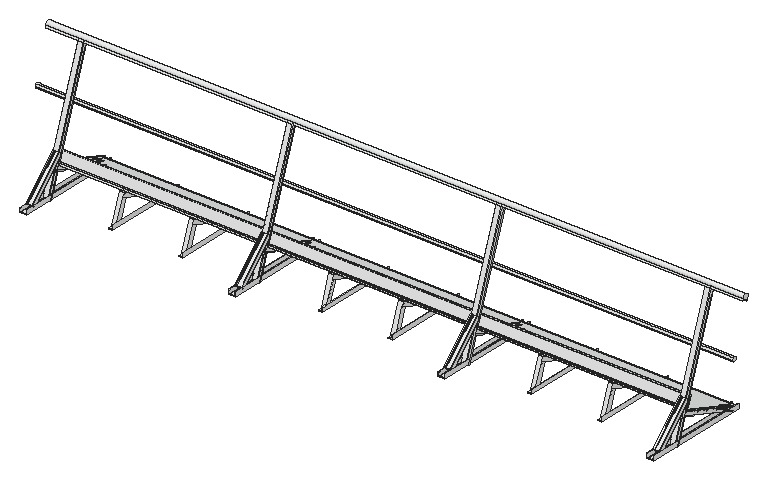
Revit family "Walkway_Kattsafe_Guardrail1Side_Levelled", category Specialty Equipment, Revit 2025
Family settings
  Round Connector Dimension = Use Diameter
  Part Type = Normal
  OmniClass Number = 23.13.41.19
  Enable Cutting in Views = No
  Cut with Voids When Loaded = No
  Maintain Annotation Orientation = No
  Shared = No
  Room Calculation Point = No
Parameters (values of type "Type 1")
  WalkwayWidth = 600 mm  # constant formula
  WalkwayMaterial = Aluminum_Kattsafe_Mesh_Walkway
  WalkwayAngleEnd2 [instance] = 0.00°
  WalkwayAngleEnd1 [instance] = 0.00°
  Uniclass2015Version = "Products v1.23"
  Uniclass2015Title = "Working platforms"
  Uniclass2015Code = "Pr_40_70_75_96"
  URL = "https://kattsafe.com.au/"
  Type IFC Predefined Type = "USERDEFINED"
  Type Comments = "Walkway - Guardrail 1 Side - Levelled"
  ToeboardSide2Option [instance] = if(and(HandrailEnd2ReturnOptionCalc, Toeboard), 1 > 0, 1 < 0)  # no
  ToeboardSide1Option [instance] = if(and(HandrailEnd1ReturnOptionCalc, Toeboard), 1 > 0, 1 < 0)  # no
  Toeboard [instance] = yes
  SafetyDisclaimer [instance] = "WARNING! The correct placement of access, fall protection and facade maintenance systems is critical to ensure it is fit-for-purpose and safe for the operator to use. Did you know Kattsafe® have a dedicated team of Height Safety System Design Specialists? Kattsafe® provide one-on-one consultation and system design assistance to ensure you are meeting the stringent requirements of height safety and to give you PEACE OF MIND with your project."  # constant formula
  RoofPitchCalc [instance] = if(1 = 1, RoofPitch + 90.00°, 0.00°)  # 110.00°
  RoofPitch [instance] = 20.00°
  RailClosureBendEnd2 [instance] = no
  RailClosureBendEnd1 [instance] = no
  PostsSingleOption [instance] = if(and(([built-in parameter 1001306] - 56 mm - PostOffsetLengthEnd1 - PostOffsetLengthEnd2 - (PostsOffsetLength * 2)) < 1 mm, ([built-in parameter 1001306] - 56 mm - PostOffsetLengthEnd1 - PostOffsetLengthEnd2) > 1999 mm), 1 > 0, 1 < 0)  # no
  PostsActualNumberOf [instance] = PostsOffsetLengthCalc3  # 4
  PostOffsetLengthEnd2 [instance] = 0 mm
  PostsOffsetLengthCalc3 [instance] = if(PostsOffsetLengthCalc > PostsOffsetLengthCalc2, rounddown(PostsOffsetLengthCalc2), PostsOffsetLengthCalc)  # 4
  PostsOffsetLengthCalc2 [instance] = (PostsOverallLength / PostsMaxSpacingLength) + 2  # 4.972
  PostsOffsetLengthCalc [instance] = (PostsOverallLength / PostsMaxSpacingLength) + 2  # 5
  PostsNumberOfCalc3 [instance] = if(and(PostsNumberOfCalc > PostsNumberOfCalc2, PostsOverallLength > PostsMaxSpacingLength * 2), rounddown(PostsNumberOfCalc2), if(PostsOverallLength < (PostsMaxSpacingLength * 2) + 1 mm, 2, PostsNumberOfCalc))  # 2
  PostsNumberOfCalc2 [instance] = (PostsOverallLength / PostsMaxSpacingLength)  # 2.972
  PostsNumberOfCalc [instance] = (PostsOverallLength / PostsMaxSpacingLength)  # 3
  PostsMaxSpacingLength = 2000 mm  # constant formula
  PostsHeight [instance] = if(RoofPitch > 0.00°, ((638 mm * tan(RoofPitch)) + (42 mm / cos(RoofPitch)) + 13 mm + GuardrailHeight - 42 mm), (55 mm + GuardrailHeight - 42 mm))  # 1247.908 mm
  PostOffsetLengthEnd1 [instance] = 0 mm
  PostsArrayOption [instance] = if(([built-in parameter 1001306] - 56 mm - PostOffsetLengthEnd1 - PostOffsetLengthEnd2 - (PostsOffsetLength * 2)) < 1 mm, 1 < 0, 1 > 0)  # yes
  PostsOverallLength [instance] = ([built-in parameter 1001306] - 56 mm - PostOffsetLengthEnd1 - PostOffsetLengthEnd2)  # 5944 mm
  Material = Aluminum_Kattsafe_Satin
  ManufacturerOverallHeightCalc = if(ManufacturerOverallHeight < 955 mm, 955 mm, if(ManufacturerOverallHeight > 1055 mm, 1055 mm, ManufacturerOverallHeight))  # 1055 mm
  KneerailOffsetHeightCalc2 [instance] = if(KneerailOffsetHeight > 450 mm, 450 mm, KneerailOffsetHeight)  # 435 mm
  KneerailOffsetHeightCalc [instance] = if(or(RailClosureBendEnd1, RailClosureBendEnd2), 435 mm, KneerailOffsetHeightCalc2)  # 435 mm
  KneerailOffsetHeight [instance] = 435 mm
  PostsOffsetLength [instance] = PostsOverallLength / (PostsOffsetLengthCalc3 - 1)  # 1981.333 mm
  KneerailEnd2ReturnOffsetLengthCalc [instance] = HandrailReturnOverhangLengthEnd2 + KneerailReturnOffsetLengthEnd2  # 600 mm
  KneerailReturnOffsetLengthEnd2 [instance] = 0 mm
  KneerailEnd2OverhangLengthCalc [instance] = if(RailClosureBendEnd2, 200 mm, HandrailEnd2OverhangLengthCalc + KneerailOffsetLengthEnd2)  # 300 mm
  KneerailOffsetLengthEnd2 [instance] = 0 mm
  KneerailEnd1ReturnOffsetLengthCalc [instance] = HandrailReturnOverhangLengthEnd1 + KneerailReturnOffsetLengthEnd1  # 600 mm
  KneerailReturnOffsetLengthEnd1 [instance] = 0 mm
  KneerailEnd1OverhangLengthCalc [instance] = if(RailClosureBendEnd1, 200 mm, HandrailEnd1OverhangLengthCalc + KneerailOffsetLengthEnd1)  # 300 mm
  KneerailOffsetLengthEnd1 [instance] = 0 mm
  KneerailAngledOffsetHeight [instance] = KneerailOffsetHeightCalc + (-HandrailAngledOffsetHeight)  # 450 mm
  HandrailReturnOverhangLengthEnd2 [instance] = 600 mm
  HandrailEnd2ReturnOptionCalc [instance] = if(and(HandrailReturnEnd2, WalkwayAngleEnd2 = 0.00°), 1 > 0, 1 < 0)  # no
  HandrailReturnEnd2 [instance] = no
  HandrailEnd2OverhangLengthCalc [instance] = if(RailClosureBendEnd2, 0 mm, HandrailOverhangLengthEnd2)  # 300 mm
  HandrailOverhangLengthEnd2 [instance] = 300 mm
  HandrailReturnOverhangLengthEnd1 [instance] = 600 mm
  HandrailEnd1ReturnOptionCalc [instance] = if(and(HandrailReturnEnd1, WalkwayAngleEnd1 = 0.00°), 1 > 0, 1 < 0)  # no
  HandrailReturnEnd1 [instance] = no
  HandrailEnd1OverhangLengthCalc [instance] = if(RailClosureBendEnd1, 0 mm, HandrailOverhangLengthEnd1)  # 300 mm
  HandrailOverhangLengthEnd1 [instance] = 300 mm
  ModifiedIssue = 20240430
  Model = "GW5"
  ManufacturerURLProductSpecific = "https://kattsafe.com.au/products/guardrails-walkway/guardrail-and-walkway-gw"
  ManufacturerSpecCode = Model  # "GW5"
  ManufacturerOverallWidth = WalkwayWidth + 400 mm  # 1000 mm
  ManufacturerOverallLength [instance] = [built-in parameter 1001306]  # 6000 mm
  ManufacturerOverallHeight = 1055 mm
  Manufacturer = "Kattsafe®"  # constant formula
  built-in parameter 1001306 [instance] = 6000 mm
  IfcExportType = "USERDEFINED"
  IfcExportAs = "IfcBuildingElementProxy"
  HandrailClosureAngledOffsetHeight = -490 mm  # constant formula
  HandrailAngledOffsetHeight = -15 mm  # constant formula
  GuardrailHeight = ManufacturerOverallHeightCalc - 55 mm  # 1000 mm
  Export Type to IFC As = "IfcBuildingElementProxy"
  ElementType = "Roof Walkway"
  Description = "Kattsafe guardrail systems are the preferred method of safe access across roofs and areas close to a fall edge. The system requires no specialist PPE, personnel or training to safely prevent a fall with a walkway to designate a safe path of access across the roof surface."  # constant formula
  Default Elevation = 0 mm
  CreatedBy = "IGS BIM Solutions"  # constant formula
  CreatedByURL = "https://igsgroup.com.au"
  BattensSingleOption [instance] = if(PostsActualNumberOf < 3, 1 > 0, 1 < 0)  # no
  BattensArrayNumberOf [instance] = if(PostsActualNumberOf < 3, 2, PostsActualNumberOf - 1)  # 3
  BattensArrayOption [instance] = if(PostsActualNumberOf < 3, 1 < 0, 1 > 0)  # yes
  BattensActualNumberOf [instance] = if((PostsOffsetLength) < 670 mm, 0, if((PostsOffsetLength) < 1000 mm, (BattensArrayNumberOf), ((BattensArrayNumberOf) * 2)))  # 6
  Assembly Code = "E1090100"
Reference planes
  plane 1 "Walkway_Front": y = 0
  plane 2 "Bottom": z = 0
  plane 3 "Left": x = 0
  plane 4 "Right": x = 6000
  plane 5 "Top": z = 1055
  plane 6 "Front": y = -300
  plane 7 "Walkway_Front_Calc": y = 0
  plane 8 "Walkway_Bottom": z = 42
  plane 9 "Post_Centre (Front/Back)": y = -19
  plane 10 "Kneerail_Top": z = 563
  plane 11 "Handrail_Bottom": z = 998
  plane 12 "Post_Array_Left": x = 2009.333
  plane 13 "Post_Array_Right": x = 3990.667
  plane 14 "Center (Front/Back)": y = -300
  plane 15 "Center (Left/Right)": x = 3000
  plane 16 "Post_Left_Centre (Left/Right)": x = 28
  plane 17 "Kneerail_Left": x = -300
  plane 18 "Post_Left": x = 0
  plane 19 "Handrail_Left": x = -300
  plane 20 "Post_Right_Centre (Left/Right)": x = 5972
  plane 21 "Kneerail_Right": x = 6300
  plane 22 "Post_Right": x = 6000
  plane 23 "Handrail_Right": x = 6300
  plane 24 "Walkway_Top": z = 55
  plane 25 "Post_Front": y = -38
  plane 26 "Left_Calc": x = 0
  plane 27 "Right_Calc": x = 6000
  plane 28 "Toeboard_Bottom": z = 65
  plane 29 "Back": y = 700
Lines and regions (mm)
  reference lines
    curve 1: line (0, 0, 0) -> (6000, 0, 0)
    curve 2: line (0, 0, 0) -> (0.961, 0, 0)
    curve 3: line (6000, 0, 0) -> (5998.961, 0, 0)
    curve 4: line (0, -38, 0) -> (0, 388.81, 1172.65)
    curve 5: line (0, 656.232, 42) -> (0, 56.708, 260.209)
Text (mm)
  text "Disclaimer:\nDue to ongoing product development and manufacturing \nevolution, product details are subject to change without \nnotice. Please refer to product technical data sheets on \nthe manufacturers website for the most current product \ninformation. Please allow a +/- 5mm manufacturing \ntolerance for dimensions and set-outs shown in product \nliterature." at (10360.567, 2349.183, 0), in view "Ref. Level"
Dimensions and locks
  "built-in parameter 1001306": plane 3 "Left" to plane 4 "Right"
  "ManufacturerOverallHeight": plane 5 "Top" to plane 2 "Bottom"
  "KneerailOffsetHeightCalc": plane 11 "Handrail_Bottom" to plane 10 "Kneerail_Top"
  "PostsOffsetLength": plane 13 "Post_Array_Right" to plane 20 "Post_Right_Centre (Left/Right)"
  locked: plane 5 "Top" to plane 11 "Handrail_Bottom" at 57
  "PostsOffsetLength": plane 16 "Post_Left_Centre (Left/Right)" to plane 12 "Post_Array_Left"
  locked: plane 18 "Post_Left" to plane 16 "Post_Left_Centre (Left/Right)" at 28
  "PostOffsetLengthEnd1": plane 26 "Left_Calc" to plane 18 "Post_Left"
  "HandrailEnd1OverhangLengthCalc": plane 19 "Handrail_Left" to plane 18 "Post_Left"
  "KneerailEnd1OverhangLengthCalc": plane 17 "Kneerail_Left" to plane 18 "Post_Left"
  locked: plane 22 "Post_Right" to plane 20 "Post_Right_Centre (Left/Right)" at 28
  equal spacing: plane 3 "Left", plane 15 "Center (Left/Right)", plane 4 "Right"
  "PostOffsetLengthEnd2": plane 22 "Post_Right" to plane 27 "Right_Calc"
  "KneerailEnd2OverhangLengthCalc": plane 22 "Post_Right" to plane 21 "Kneerail_Right"
  "HandrailEnd2OverhangLengthCalc": plane 22 "Post_Right" to plane 23 "Handrail_Right"
  locked: plane 8 "Walkway_Bottom" to plane 2 "Bottom" at 42
  locked: plane 24 "Walkway_Top" to plane 8 "Walkway_Bottom" at 13
  "PostsHeight": curve 4 to curve 4
  locked: curve 4 to nested 7 at 19
  locked: curve 4 to nested 8 at 38
  locked: curve 4 to nested 9 at 19
  locked: plane 3 "Left" to plane 26 "Left_Calc"
  locked: plane 27 "Right_Calc" to plane 4 "Right"
  curve 4 to nested 11 = 41 mm
  locked: plane 28 "Toeboard_Bottom" to plane 24 "Walkway_Top" at 10
  group 1 to group 2 = 1981.333 mm
  group 2 to group 1 = 0 mm
  group 1 to group 2 = 0 mm
  curve 5 to curve 5 = 638 mm
  locked: nested 13 to curve 4 at 38
  locked: curve 5 to nested 11 at 23
  equal spacing: group 3, group 4, group 5  (x3)
  locked: plane 7 "Walkway_Front_Calc" to plane 1 "Walkway_Front" at 0
  "ManufacturerOverallWidth": plane 29 "Back" to plane 14 "Center (Front/Back)"
  equal spacing: plane 7 "Walkway_Front_Calc", plane 9 "Post_Centre (Front/Back)", plane 25 "Post_Front"
  locked: plane 25 "Post_Front" to plane 7 "Walkway_Front_Calc" at 38
  locked: plane 14 "Center (Front/Back)" to plane 25 "Post_Front" at 262
  locked: plane 26 "Left_Calc" to nested 16
  locked: curve 4 to nested 16 at 16
  locked: curve 5 to nested 16 at 23
  locked: nested 17 to plane 27 "Right_Calc"
  locked: curve 5 to nested 17 at 23
  locked: curve 4 to nested 17 at 16
  locked: curve 4 to nested 19 at 19
  locked: curve 4 to nested 18 at 19
  locked: curve 4 to nested 21 at 53.712
  locked: curve 4 to nested 20 at 53.712
  "RoofPitchCalc": angle plane 2 "Bottom" to curve 4
  "RoofPitch": angle plane 2 "Bottom" to curve 5
  aligned and locked: plane 4 "Right" to curve 1
  aligned and locked: plane 1 "Walkway_Front" to curve 1
  aligned and locked: plane 3 "Left" to curve 1
  aligned and locked: level to plane 2 "Bottom"
  aligned and locked: plane 4 "Right" to curve 3
  aligned and locked: plane 2 "Bottom" to nested 1
  aligned and locked: plane 2 "Bottom" to nested 2
  aligned and locked: plane 12 "Post_Array_Left" to nested 3
  aligned and locked: plane 2 "Bottom" to nested 3
  aligned and locked: plane 12 "Post_Array_Left" to nested 4
  aligned and locked: plane 18 "Post_Left" to nested 1
  aligned and locked: plane 22 "Post_Right" to nested 2
  aligned and locked: plane 16 "Post_Left_Centre (Left/Right)" to nested 5
  aligned and locked: plane 2 "Bottom" to nested 5
  aligned and locked: plane 16 "Post_Left_Centre (Left/Right)" to nested 6
  aligned and locked: plane 2 "Bottom" to nested 6
  aligned and locked: plane 2 "Bottom" to curve 4
  aligned and locked: plane 25 "Post_Front" to curve 4
  aligned and locked: nested 9 to plane 19 "Handrail_Left"
  aligned and locked: plane 19 "Handrail_Left" to nested 7
  aligned and locked: plane 17 "Kneerail_Left" to nested 8
  aligned and locked: plane 21 "Kneerail_Right" to nested 8
  aligned and locked: plane 23 "Handrail_Right" to nested 7
  aligned and locked: plane 23 "Handrail_Right" to nested 10
  aligned and locked: plane 26 "Left_Calc" to nested 11
  aligned and locked: plane 27 "Right_Calc" to nested 11
  aligned and locked: plane 13 "Post_Array_Right" to nested 12
  aligned and locked: plane 2 "Bottom" to nested 12
  aligned and locked: nested 1 to plane 7 "Walkway_Front_Calc"
  aligned and locked: nested 4 to plane 7 "Walkway_Front_Calc"
  aligned and locked: nested 3 to plane 7 "Walkway_Front_Calc"
  aligned and locked: nested 12 to plane 7 "Walkway_Front_Calc"
  aligned and locked: nested 2 to plane 7 "Walkway_Front_Calc"
  aligned and locked: plane 8 "Walkway_Bottom" to curve 5
  aligned and locked: nested 13 to curve 5
  aligned and locked: plane 26 "Left_Calc" to nested 13
  aligned and locked: plane 27 "Right_Calc" to nested 13
  aligned and locked: nested 6 to plane 29 "Back"
  aligned and locked: nested 5 to plane 29 "Back"
  aligned and locked: plane 12 "Post_Array_Left" to nested 14
  aligned and locked: nested 14 to plane 29 "Back"
  aligned and locked: plane 2 "Bottom" to nested 14
  aligned and locked: plane 19 "Handrail_Left" to nested 18
  aligned and locked: nested 19 to plane 23 "Handrail_Right"
  aligned and locked: curve 5 to nested 16
  aligned and locked: curve 5 to nested 17
  aligned and locked: plane 17 "Kneerail_Left" to nested 20
  aligned and locked: plane 21 "Kneerail_Right" to nested 21
Automatic sketch dimensions
  plane 3 "Left" to curve 2 = 0.961 mm
  curve 3 to plane 4 "Right" = 1.039 mm
  curve 2 to plane 3 "Left" = 0 mm
  plane 1 "Walkway_Front" to curve 3 = 0 mm
  plane 1 "Walkway_Front" to curve 2 = 0 mm
Nested families
  nested 1: "z_Walkway_RoofMount_Kattsafe_Guardrail_Levelled" at (58.285, 0, 0), ManufacturerOverallHeight <- "PostsHeight", RoofPitch <- "RoofPitch", type "GW355"
    with RoofPitch_Calc 110.00°, RoofPitch 20.00°, ManufacturerOverallHeight 1247.908 mm
  nested 2: "z_Walkway_RoofMount_Kattsafe_Guardrail_Levelled" at (5993.285, 0, 0), ManufacturerOverallHeight <- "PostsHeight", RoofPitch <- "RoofPitch", type "GW355"
    with RoofPitch_Calc 110.00°, RoofPitch 20.00°, ManufacturerOverallHeight 1247.908 mm
  nested 3: "z_Walkway_RoofMount_Kattsafe_Guardrail_Levelled" at (2035.118, 0, 0), ManufacturerOverallHeight <- "PostsHeight", visible <- "PostsArrayOption", RoofPitch <- "RoofPitch", type "GW355"
    with RoofPitch_Calc 110.00°, RoofPitch 20.00°, ManufacturerOverallHeight 1247.908 mm
  nested 4: "z_Walkway_RoofMount_Kattsafe_Guardrail_Levelled" at (2035.118, 0, 0), ManufacturerOverallHeight <- "PostsHeight", visible <- "PostsSingleOption", RoofPitch <- "RoofPitch", type "GW355"
    with RoofPitch_Calc 110.00°, RoofPitch 20.00°, ManufacturerOverallHeight 1247.908 mm
  nested 5: "z_Walkway_LevelledBatten_Kattsafe_Array" at (53.785, 700, 0), ManufacturerOverallLength <- "PostsOffsetLength", visible <- "BattensArrayOption", RoofPitch <- "RoofPitch", type "GW324"
    with RoofPitch 20.00°, ManufacturerOverallLength 1981.333 mm, Batten_Offset_Length_Calc3 3, Batten_Offset_Length_Calc2 3.9572, Batten_Offset_Length_Calc 4, Batten_Offset_Length 660.444 mm, Batten_Max_Spacing_Length 670 mm, Batten_2_Option yes, Batten_1_Option yes
  nested 6: "z_Walkway_LevelledBatten_Kattsafe_Array" at (53.785, 700, 0), ManufacturerOverallLength <- "PostsOffsetLength", visible <- "BattensSingleOption", RoofPitch <- "RoofPitch", type "GW324"
    with RoofPitch 20.00°, ManufacturerOverallLength 1981.333 mm, Batten_Offset_Length_Calc3 3, Batten_Offset_Length_Calc2 3.9572, Batten_Offset_Length_Calc 4, Batten_Offset_Length 660.444 mm, Batten_Max_Spacing_Length 670 mm, Batten_2_Option yes, Batten_1_Option yes
  nested 7: "z_Guardrail_Kattsafe_HandrailTube" at (-274.215, 401.534, 1152.057) x (1, 0, 0) z (0, 0.342, 0.9397), built-in parameter 1001364 <- "HandrailAngledOffsetHeight", Material <- "Material", type "GW374"
    with Material Aluminum_Kattsafe_Satin, ManufacturerOverallLength 6600 mm
  nested 8: "z_Guardrail_Kattsafe_KneerailTube" at (-274.215, 286.725, 730.926) x (1, 0, 0) z (0, -0.342, -0.9397), built-in parameter 1001364 <- "KneerailAngledOffsetHeight", Material <- "Material", type "GW375"
    with Material Aluminum_Kattsafe_Satin, ManufacturerOverallLength 6600 mm
  nested 9: "z_Guardrail_Kattsafe_HandrailClosureBend" at (-674.215, 239.074, 705.703) x (1, 0, 0) z (0, 0.342, 0.9397), built-in parameter 1001364 <- "HandrailClosureAngledOffsetHeight", visible <- "RailClosureBendEnd1", Material <- "Material", type "GW387"
    with Material Aluminum_Kattsafe_Satin, ManufacturerOverallLength 400 mm
  nested 10: "z_Guardrail_Kattsafe_HandrailClosureBend" at (6674.215, 239.074, 705.703) x (-1, 0, 0) z (0, 0.342, 0.9397), built-in parameter 1001364 <- "HandrailClosureAngledOffsetHeight", visible <- "RailClosureBendEnd2", Material <- "Material", type "GW387"
    with Material Aluminum_Kattsafe_Satin, ManufacturerOverallLength 400 mm
  nested 11: "z_Guardrail_Kattsafe_ToeBoard" at (25.785, 91.356, 272.074) x (1, 0, 0) z (0, 0.342, 0.9397), visible <- "Toeboard", Material <- "Material", type "GW320"
    with Material Aluminum_Kattsafe_Satin, ManufacturerOverallLength 6000 mm
  nested 12: "z_Walkway_RoofMount_Kattsafe_Guardrail_Levelled" at (4016.451, 0, 0), ManufacturerOverallHeight <- "PostsHeight", visible <- "PostsArrayOption", RoofPitch <- "RoofPitch", type "GW355"
    with RoofPitch_Calc 110.00°, RoofPitch 20.00°, ManufacturerOverallHeight 1247.908 mm
  nested 13: "z_Walkway_Kattsafe_Aluminium" at (25.785, 374.324, 144.606) x (1, 0, 0) z (0, 0.342, 0.9397), End1_Angle <- "WalkwayAngleEnd1", End2_Angle <- "WalkwayAngleEnd2", Material <- "Material", ManufacturerOverallWidth <- "WalkwayWidth", WalkwayMaterial <- "WalkwayMaterial", type "GW335.6000"
    with WalkwayMaterial Aluminum_Kattsafe_Mesh_Walkway, Material Aluminum_Kattsafe_Satin, ManufacturerOverallWidth 600 mm, ManufacturerOverallLength 6000 mm, End2_Angle_Calc 90.00°, End2_Angle 0.00°, End1_Angle_Calc 90.00°, End1_Angle 0.00°
  nested 14: "z_Walkway_LevelledBatten_Kattsafe_Array" at (2035.118, 700, 0), ManufacturerOverallLength <- "PostsOffsetLength", visible <- "BattensArrayOption", RoofPitch <- "RoofPitch", type "GW324"
    with RoofPitch 20.00°, ManufacturerOverallLength 1981.333 mm, Batten_Offset_Length_Calc3 3, Batten_Offset_Length_Calc2 3.9572, Batten_Offset_Length_Calc 4, Batten_Offset_Length 660.444 mm, Batten_Max_Spacing_Length 670 mm, Batten_2_Option yes, Batten_1_Option yes
  nested 15: "z_Walkway_LevelledBatten_Kattsafe_Array" at (4016.451, 700, 0), ManufacturerOverallLength <- "PostsOffsetLength", visible <- "BattensArrayOption", RoofPitch <- "RoofPitch", type "GW324"
    with RoofPitch 20.00°, ManufacturerOverallLength 1981.333 mm, Batten_Offset_Length_Calc3 3, Batten_Offset_Length_Calc2 3.9572, Batten_Offset_Length_Calc 4, Batten_Offset_Length 660.444 mm, Batten_Max_Spacing_Length 670 mm, Batten_2_Option yes, Batten_1_Option yes
  nested 16: "z_Guardrail_Kattsafe_ToeBoard" at (-9.5, 639.869, 72.432) x (0, -0.9397, 0.342) z (0, 0.342, 0.9397), visible <- "ToeboardSide1Option", Material <- "Material", type "GW320"
    with Material Aluminum_Kattsafe_Satin, ManufacturerOverallLength 622 mm
  nested 17: "z_Guardrail_Kattsafe_ToeBoard" at (6009.5, 674.071, 166.401) x (0, -0.9397, 0.342) z (0, -0.342, -0.9397), visible <- "ToeboardSide2Option", Material <- "Material", type "GW320"
    with Material Aluminum_Kattsafe_Satin, ManufacturerOverallLength 622 mm
  nested 18: "z_Guardrail_Kattsafe_HandrailTube" at (-275, 425.763, 1143.238) x (0, 0.9397, -0.342) z (0, 0.342, 0.9397), built-in parameter 1001364 <- "HandrailAngledOffsetHeight", ManufacturerOverallLength <- "HandrailReturnOverhangLengthEnd1", visible <- "HandrailEnd1ReturnOptionCalc", Material <- "Material", type "GW374"
    with Material Aluminum_Kattsafe_Satin, ManufacturerOverallLength 600 mm
  nested 19: "z_Guardrail_Kattsafe_HandrailTube" at (6275, 425.763, 1143.238) x (0, 0.9397, -0.342) z (0, 0.342, 0.9397), built-in parameter 1001364 <- "HandrailAngledOffsetHeight", ManufacturerOverallLength <- "HandrailReturnOverhangLengthEnd2", visible <- "HandrailEnd2ReturnOptionCalc", Material <- "Material", type "GW374"
    with Material Aluminum_Kattsafe_Satin, ManufacturerOverallLength 600 mm
  nested 20: "z_Guardrail_Kattsafe_KneerailTube" at (-282.85, 824.96, 535.025) x (0, -0.9397, 0.342) z (0, -0.342, -0.9397), built-in parameter 1001364 <- "KneerailAngledOffsetHeight", ManufacturerOverallLength <- "KneerailEnd1ReturnOffsetLengthCalc", visible <- "HandrailEnd1ReturnOptionCalc", Material <- "Material", type "GW375"
    with Material Aluminum_Kattsafe_Satin, ManufacturerOverallLength 600 mm
  nested 21: "z_Guardrail_Kattsafe_KneerailTube" at (6282.85, 309.604, 722.599) x (0, 0.9397, -0.342) z (0, -0.342, -0.9397), built-in parameter 1001364 <- "KneerailAngledOffsetHeight", ManufacturerOverallLength <- "KneerailEnd2ReturnOffsetLengthCalc", visible <- "HandrailEnd2ReturnOptionCalc", Material <- "Material", type "GW375"
    with Material Aluminum_Kattsafe_Satin, ManufacturerOverallLength 600 mm
Definition of nested family "z_Walkway_RoofMount_Kattsafe_Guardrail_Levelled"
  Parameters (values of type "GW355")
    URL = "https://kattsafe.com.au/"
    Type Comments = ""
    RoofPitch_Calc [instance] = if(1 = 1, RoofPitch + 90.00°, 0.00°)  # 100.00°
    RoofPitch [instance] = 10.00°
    ModifiedIssue = 20190910
    Model = "GW355"
    Material = none
    ManufacturerURLProductSpecific = ""
    ManufacturerSpecCode = Model  # "GW355"
    ManufacturerOverallWidth = 65 mm  # constant formula
    ManufacturerOverallHeight [instance] = 1058 mm
    ManufacturerOverallDepth = 1000 mm  # constant formula
    Manufacturer = "SAYFA"  # constant formula
    Keynote = ""
    Description = "Sentry Roof Mount Guardrail Post with Walkway Support (Levelled)"
    Default Elevation = 0 mm  # constant formula
    CreatedBy = "IGS BIM Solutions"  # constant formula
    CreatedByURL = "https://igsgroup.com.au"
  Reference planes
    plane 1 "Bottom": z = 0
    plane 2 "Post_Back": y = 0
    plane 3 "Post_Front": y = -38
    plane 4 "Center (Left/Right)": x = -25.785
    plane 5 "Top": z = 1058
    plane 6 "Post_Right": x = 2.215
    plane 7 "Post_Left": x = -53.785
    plane 8 "Front": y = -300
    plane 9 "Base Channel_Top": z = 40
    plane 10 "Post_Centre (Front/Back)": y = -19
    plane 11 "Brace_Top": z = 356.198
    plane 12 "Left": x = -58.285
    plane 13 "Right": x = 6.715
    plane 14 "Back": y = 700
  Forms (mm)
    Sweep 1, solid, material <- "Material"
      path origin (-25.785, 0, 0) x (0, 1, 0) y (0, 0, 1)
        loop
          line (700, 40) -> (-300, 40)
      profile origin (-25.785, 200, 40) x (0, 0, -1) y (1, 0, 0)
        loop
          line (40, 32.5) -> (1.5, 32.5)
          arc (1.5, 32.5) -> (0, 31) -> (1.5, 29.5) r 1.5
          line (1.5, 29.5) -> (37, 29.5) -> (37, 19.5) -> (34.5, 19.5)
          arc (34.5, 19.5) -> (34, 19) -> (34.5, 18.5) r 0.5
          line (34.5, 18.5) -> (37, 18.5) -> (37, -18.5) -> (34.5, -18.5)
          arc (34.5, -18.5) -> (34, -19) -> (34.5, -19.5) r 0.5
          line (34.5, -19.5) -> (37, -19.5) -> (37, -29.5) -> (1.5, -29.5)
          arc (1.5, -29.5) -> (0, -31) -> (1.5, -32.5) r 1.5
          line (1.5, -32.5) -> (40, -32.5) -> (40, 32.5)
    SweptBlend 2, solid, material <- "Material"
      path origin (-25.785, 0, 0) x (0, 1, 0) y (0, 0, 1)
        loop
          line (23.151, 356.198) -> (-293.047, 40)
      profile origin (-25.785, 23.151, 356.198) x (0, 0.707107, -0.707107) y (1, 0, 0)
        loop
          line (0, 32.5) -> (0, -32.5) -> (36.5, -32.5)
          arc (36.5, -32.5) -> (38, -31) -> (36.5, -29.5) r 1.5
          line (36.5, -29.5) -> (3, -29.5) -> (3, -19.5) -> (5.5, -19.5)
          arc (5.5, -19.5) -> (6, -19) -> (5.5, -18.5) r 0.5
          line (5.5, -18.5) -> (3, -18.5) -> (3, 18.5) -> (5.5, 18.5)
          arc (5.5, 18.5) -> (6, 19) -> (5.5, 19.5) r 0.5
          line (5.5, 19.5) -> (3, 19.5) -> (3, 29.5) -> (36.5, 29.5)
          arc (36.5, 29.5) -> (38, 31) -> (36.5, 32.5) r 1.5
          line (36.5, 32.5) -> (0, 32.5)
      end profile origin (-25.785, -293.047, 40) x (0, 0.707107, -0.707107) y (1, 0, 0)
        loop
          line (0, 29.5) -> (0, -35.5) -> (36.5, -35.5)
          arc (36.5, -35.5) -> (38, -34) -> (36.5, -32.5) r 1.5
          line (36.5, -32.5) -> (3, -32.5) -> (3, -22.5) -> (5.5, -22.5)
          arc (5.5, -22.5) -> (6, -22) -> (5.5, -21.5) r 0.5
          line (5.5, -21.5) -> (3, -21.5) -> (3, 15.5) -> (5.5, 15.5)
          arc (5.5, 15.5) -> (6, 16) -> (5.5, 16.5) r 0.5
          line (5.5, 16.5) -> (3, 16.5) -> (3, 26.5) -> (36.5, 26.5)
          arc (36.5, 26.5) -> (38, 28) -> (36.5, 29.5) r 1.5
          line (36.5, 29.5) -> (0, 29.5)
    Sweep 3, solid, material <- "Material"
      path origin (-25.785, 0, 0) x (0, 1, 0) y (0, 0, 1)
        loop
          line (-38, 0) -> (145.72, 1041.927)
      profile origin (-25.785, 53.86, 520.963) x (0, -0.984808, 0.173648) y (1, 0, 0)
        loop
          arc (-38, -23) -> (-36.536, -26.536) -> (-33, -28) r 5
          line (-33, -28) -> (-5, -28)
          arc (-5, -28) -> (-1.464, -26.536) -> (0, -23) r 5
          line (0, -23) -> (0, 23)
          arc (0, 23) -> (-1.464, 26.536) -> (-5, 28) r 5
          line (-5, 28) -> (-33, 28)
          arc (-33, 28) -> (-36.536, 26.536) -> (-38, 23) r 5
          line (-38, 23) -> (-38, -23)
    SweptBlend 4, solid, material <- "Material"
      path origin (-25.785, 0, 0) x (0, 1, 0) y (0, 0, 1)
        loop
          line (616.895, 40) -> (7.299, 147.488)
      profile origin (-25.785, 616.895, 40) x (0, -0.173648, -0.984808) y (1, 0, 0)
        loop
          line (0, 29.5) -> (0, -35.5) -> (35.702, -35.5)
          spline (35.702, -35.5) -> (36.082, -35.449) -> (36.436, -35.299) -> (36.74, -35.061) -> (36.973, -34.75) -> (37.12, -34.388) -> (37.17, -34) -> (37.12, -33.612) -> (36.973, -33.25) -> (36.74, -32.939) -> (36.436, -32.701) -> (36.082, -32.551) -> (35.702, -32.5)
          line (35.702, -32.5) -> (2.934, -32.5) -> (2.934, -22.5) -> (5.38, -22.5)
          spline (5.38, -22.5) -> (5.506, -22.483) -> (5.624, -22.433) -> (5.726, -22.354) -> (5.803, -22.25) -> (5.852, -22.129) -> (5.869, -22) -> (5.852, -21.871) -> (5.803, -21.75) -> (5.726, -21.646) -> (5.624, -21.567) -> (5.506, -21.517) -> (5.38, -21.5)
          line (5.38, -21.5) -> (2.934, -21.5) -> (2.934, 15.5) -> (5.38, 15.5)
          spline (5.38, 15.5) -> (5.506, 15.517) -> (5.624, 15.567) -> (5.726, 15.646) -> (5.803, 15.75) -> (5.852, 15.871) -> (5.869, 16) -> (5.852, 16.129) -> (5.803, 16.25) -> (5.726, 16.354) -> (5.624, 16.433) -> (5.506, 16.483) -> (5.38, 16.5)
          line (5.38, 16.5) -> (2.934, 16.5) -> (2.934, 26.5) -> (35.702, 26.5)
          spline (35.702, 26.5) -> (36.082, 26.551) -> (36.436, 26.701) -> (36.74, 26.939) -> (36.973, 27.25) -> (37.12, 27.612) -> (37.17, 28) -> (37.12, 28.388) -> (36.973, 28.75) -> (36.74, 29.061) -> (36.436, 29.299) -> (36.082, 29.449) -> (35.702, 29.5)
          line (35.702, 29.5) -> (0, 29.5)
      end profile origin (-25.785, 7.299, 147.488) x (0, -0.173648, -0.984808) y (1, 0, 0)
        loop
          line (0, 32.5) -> (0, -32.5) -> (35.702, -32.5)
          spline (35.702, -32.5) -> (36.082, -32.449) -> (36.436, -32.299) -> (36.74, -32.061) -> (36.973, -31.75) -> (37.12, -31.388) -> (37.17, -31) -> (37.12, -30.612) -> (36.973, -30.25) -> (36.74, -29.939) -> (36.436, -29.701) -> (36.082, -29.551) -> (35.702, -29.5)
          line (35.702, -29.5) -> (2.934, -29.5) -> (2.934, -19.5) -> (5.38, -19.5)
          spline (5.38, -19.5) -> (5.506, -19.483) -> (5.624, -19.433) -> (5.726, -19.354) -> (5.803, -19.25) -> (5.852, -19.129) -> (5.869, -19) -> (5.852, -18.871) -> (5.803, -18.75) -> (5.726, -18.646) -> (5.624, -18.567) -> (5.506, -18.517) -> (5.38, -18.5)
          line (5.38, -18.5) -> (2.934, -18.5) -> (2.934, 18.5) -> (5.38, 18.5)
          spline (5.38, 18.5) -> (5.506, 18.517) -> (5.624, 18.567) -> (5.726, 18.646) -> (5.803, 18.75) -> (5.852, 18.871) -> (5.869, 19) -> (5.852, 19.129) -> (5.803, 19.25) -> (5.726, 19.354) -> (5.624, 19.433) -> (5.506, 19.483) -> (5.38, 19.5)
          line (5.38, 19.5) -> (2.934, 19.5) -> (2.934, 29.5) -> (35.702, 29.5)
          spline (35.702, 29.5) -> (36.082, 29.551) -> (36.436, 29.701) -> (36.74, 29.939) -> (36.973, 30.25) -> (37.12, 30.612) -> (37.17, 31) -> (37.12, 31.388) -> (36.973, 31.75) -> (36.74, 32.061) -> (36.436, 32.299) -> (36.082, 32.449) -> (35.702, 32.5)
          line (35.702, 32.5) -> (0, 32.5)
  Cuts and joins
    joined: Sweep 3, SweptBlend 4
  Lines and regions (mm)
    reference lines
      curve 1: line (-25.785, 25.162, 358.209) -> (-25.785, -293.047, 40)
      curve 2: line (-25.785, -38, 0) -> (-25.785, 145.72, 1041.927)
      curve 3: line (-25.785, 616.895, 40) -> (-25.785, -11.412, 150.788)
  Dimensions and locks
    "ManufacturerOverallHeight": plane 5 "Top" to plane 1 "Bottom"
    locked: plane 7 "Post_Left" to plane 6 "Post_Right" at 56
    "ManufacturerOverallDepth": plane 14 "Back" to plane 8 "Front"
    equal spacing: plane 7 "Post_Left", plane 4 "Center (Left/Right)", plane 6 "Post_Right"
    plane 9 "Base Channel_Top" to plane 1 "Bottom" = 40 mm
    Sweep 1 sketch curve to profile plane to Sweep 1 sketch curve = 32.5 mm locked, 32.5 mm locked
    Sweep 1 sketch curve to profile plane to Sweep 1 sketch curve = 29.5 mm locked, 29.5 mm locked
    locked: profile plane to Sweep 1 sketch curve
    locked: profile plane to Sweep 1 sketch curve at 0
    locked: profile plane to Sweep 1 sketch curve at 37  (x3)
    locked: profile plane to Sweep 1 sketch curve at 40
    equal spacing: plane 3 "Post_Front", plane 10 "Post_Centre (Front/Back)", plane 2 "Post_Back"
    locked: profile plane to Sweep 1 sketch curve at 34  (x2)
    Sweep 1 sketch curve to profile plane to Sweep 1 sketch curve = 18.5 mm locked, 18.5 mm locked
    Sweep 1 sketch curve to profile plane to Sweep 1 sketch curve = 19.5 mm locked, 19.5 mm locked
    equal spacing: plane 12 "Left", plane 4 "Center (Left/Right)", plane 13 "Right"
    "ManufacturerOverallWidth": plane 12 "Left" to plane 13 "Right"
    locked: plane 3 "Post_Front" to plane 8 "Front" at 262
    locked: plane 2 "Post_Back" to plane 3 "Post_Front" at 38
    locked: Sweep 3 sketch curve to profile plane at 38
    equal spacing: Sweep 3 sketch curve, profile plane, Sweep 3 sketch curve, locked at 28 each
    locked: Sweep 3 sketch curve to Sweep 3 sketch curve at 56
    locked: curve 2 to Sweep 3 sketch curve at 0
    "ManufacturerOverallHeight": curve 2 to curve 2
    locked: curve 2 to curve 3 at 638
    locked: curve 2 to SweptBlend 4 sketch curve at 19
    radius of Sweep 3 sketch curve = 5 mm  (x4)
    locked: curve 1 to plane 11 "Brace_Top" (angle 45.00°)
    "RoofPitch_Calc": angle plane 1 "Bottom" to curve 2
    "RoofPitch": angle plane 1 "Bottom" to curve 3
    aligned and locked: level to plane 1 "Bottom"
    aligned and locked: curve 1 to SweptBlend 2 sketch curve
    aligned and locked: plane 11 "Brace_Top" to SweptBlend 2 sketch curve
    aligned and locked: plane 14 "Back" to Sweep 1 sketch curve
    aligned and locked: plane 3 "Post_Front" to curve 2
    aligned and locked: plane 1 "Bottom" to curve 2
    aligned and locked: curve 2 to Sweep 3 sketch curve
    aligned and locked: profile plane to Sweep 3 sketch curve
    aligned and locked: plane 1 "Bottom" to Sweep 3 sketch curve
    aligned and locked: plane 9 "Base Channel_Top" to curve 1
    aligned and locked: plane 9 "Base Channel_Top" to curve 3
    aligned and locked: curve 3 to SweptBlend 4 sketch curve
  Automatic sketch dimensions
    profile plane to SweptBlend 2 sketch curve = 0 mm  (x2)
    SweptBlend 2 sketch curve to profile plane = 3 mm
    SweptBlend 2 sketch curve to SweptBlend 2 sketch curve = 3 mm  (x4)
    SweptBlend 2 sketch curve to SweptBlend 2 sketch curve = 0 mm  (x2)
    SweptBlend 2 sketch curve to SweptBlend 2 sketch curve = 2.5 mm  (x4)
    SweptBlend 2 sketch curve to profile plane = 36.5 mm  (x4)
    SweptBlend 2 sketch curve to plane 4 "Center (Left/Right)" = 32.5 mm
    SweptBlend 2 sketch curve to SweptBlend 2 sketch curve = 1.5 mm  (x2)
    SweptBlend 2 sketch curve to SweptBlend 2 sketch curve = 10 mm  (x3)
    SweptBlend 2 sketch curve to SweptBlend 2 sketch curve = 0.5 mm  (x3)
    SweptBlend 2 sketch curve to SweptBlend 2 sketch curve = 1 mm
    SweptBlend 2 sketch curve to SweptBlend 2 sketch curve = 37 mm  (x2)
    SweptBlend 2 sketch curve to plane 4 "Center (Left/Right)" = 35.5 mm
    SweptBlend 2 sketch curve to SweptBlend 2 sketch curve = 11 mm
    SweptBlend 2 sketch curve to SweptBlend 2 sketch curve = 14 mm
    plane 9 "Base Channel_Top" to SweptBlend 2 sketch curve = 0 mm
    Sweep 1 sketch curve to plane 8 "Front" = 0 mm
    plane 9 "Base Channel_Top" to Sweep 1 sketch curve = 0 mm
    profile plane to SweptBlend 4 sketch curve = 0 mm
    SweptBlend 4 sketch curve to profile plane = 2.934 mm  (x4)
    SweptBlend 4 sketch curve to SweptBlend 4 sketch curve = 2.934 mm  (x2)
    SweptBlend 4 sketch curve to SweptBlend 4 sketch curve = 2.445 mm  (x4)
    SweptBlend 4 sketch curve to profile plane = 35.702 mm  (x2)
    SweptBlend 4 sketch curve to plane 4 "Center (Left/Right)" = 35.5 mm
    SweptBlend 4 sketch curve to SweptBlend 4 sketch curve = 3 mm  (x4)
    SweptBlend 4 sketch curve to SweptBlend 4 sketch curve = 10 mm  (x4)
    SweptBlend 4 sketch curve to SweptBlend 4 sketch curve = 1 mm  (x4)
    plane 4 "Center (Left/Right)" to SweptBlend 4 sketch curve = 15.5 mm
    SweptBlend 4 sketch curve to profile plane = 0 mm
    SweptBlend 4 sketch curve to SweptBlend 4 sketch curve = 30.323 mm  (x2)
    SweptBlend 4 sketch curve to plane 4 "Center (Left/Right)" = 32.5 mm
    plane 4 "Center (Left/Right)" to SweptBlend 4 sketch curve = 18.5 mm
    plane 9 "Base Channel_Top" to SweptBlend 4 sketch curve = 0 mm
Definition of nested family "z_Walkway_LevelledBatten_Kattsafe_Array"
  Parameters (values of type "GW324")
    URL = "https://kattsafe.com.au/"
    Type Comments = ""
    RoofPitch [instance] = 20.00°
    ModifiedIssue = 20190910
    Model = "GW324S"
    Material = none
    ManufacturerURLProductSpecific = ""
    ManufacturerSpecCode = Model  # "GW324S"
    ManufacturerOverallWidth = 780 mm  # constant formula
    ManufacturerOverallLength [instance] = 2000 mm
    ManufacturerOverallHeight = 40 mm  # constant formula
    Manufacturer = "Kattsafe®"  # constant formula
    Keynote = ""
    Description = "Pace 600 Walkway Support Batten (Levelled)"
    Default Elevation = 0 mm  # constant formula
    CreatedBy = "IGS BIM Solutions"  # constant formula
    CreatedByURL = "https://igsgroup.com.au"
    Batten_Offset_Length_Calc3 [instance] = if(Batten_Offset_Length_Calc > Batten_Offset_Length_Calc2, rounddown(Batten_Offset_Length_Calc2), Batten_Offset_Length_Calc)  # 3
    Batten_Offset_Length_Calc2 [instance] = ManufacturerOverallLength / (Batten_Max_Spacing_Length) + 1  # 3.9851
    Batten_Offset_Length_Calc [instance] = ManufacturerOverallLength / (Batten_Max_Spacing_Length) + 1  # 4
    Batten_Offset_Length [instance] = ManufacturerOverallLength / (Batten_Offset_Length_Calc3)  # 666.667 mm
    Batten_Max_Spacing_Length [instance] = 670 mm  # constant formula
    Batten_2_Option [instance] = if(Batten_Offset_Length_Calc3 < 3, 1 < 0, 1 > 0)  # yes
    Batten_1_Option [instance] = if(Batten_Offset_Length_Calc2 < 2, 1 < 0, 1 > 0)  # yes
  Reference planes
    plane 1 "Bottom": z = 0
    plane 2 "Back": y = 0
    plane 3 "Front": y = -780
    plane 4 "Left": x = -25.785
    plane 5 "Center (Left/Right)": x = 974.215
    plane 6 "Top": z = 40
    plane 7 "Right": x = 1974.215
    plane 8 "Center (Front/Back)": y = -390
    plane 9 "Batten_1_Centre (Left/Right)": x = 640.882
    plane 10 "Batten_2_Centre (Left/Right)": x = 1307.549
  Dimensions and locks
    "ManufacturerOverallHeight": plane 6 "Top" to plane 1 "Bottom"
    equal spacing: plane 4 "Left", plane 5 "Center (Left/Right)", plane 7 "Right"
    "ManufacturerOverallLength": plane 4 "Left" to plane 7 "Right"
    "ManufacturerOverallWidth": plane 2 "Back" to plane 3 "Front"
    equal spacing: plane 3 "Front", plane 8 "Center (Front/Back)", plane 2 "Back"
    "Batten_Offset_Length": plane 4 "Left" to plane 9 "Batten_1_Centre (Left/Right)"
    "Batten_Offset_Length": plane 10 "Batten_2_Centre (Left/Right)" to plane 7 "Right"
    aligned and locked: plane 1 "Bottom" to level
    aligned and locked: plane 1 "Bottom" to nested 1
    aligned and locked: nested 1 to plane 2 "Back"
    aligned and locked: nested 1 to plane 9 "Batten_1_Centre (Left/Right)"
    aligned and locked: nested 2 to plane 10 "Batten_2_Centre (Left/Right)"
    aligned and locked: nested 2 to plane 2 "Back"
  Nested families
    nested 1: "z_Walkway_LevelledBatten_Kattsafe" at (666.667, -700, 0), visible <- "Batten_1_Option", RoofPitch <- "RoofPitch", type "GW324"
      with RoofPitch_Calc 110.00°, RoofPitch 20.00°
    nested 2: "z_Walkway_LevelledBatten_Kattsafe" at (1333.333, -700, 0), visible <- "Batten_2_Option", RoofPitch <- "RoofPitch", type "GW324"
      with RoofPitch_Calc 110.00°, RoofPitch 20.00°
  Definition of nested family "z_Walkway_LevelledBatten_Kattsafe"
    Parameters (values of type "GW324")
      URL = "https://sayfa.com.au"
      Type Comments = ""
      RoofPitch_Calc [instance] = if(1 = 1, RoofPitch + 90.00°, 0.00°)  # 110.00°
      RoofPitch [instance] = 20.00°
      ModifiedIssue = 20190910
      Model = "GW324S"
      Material = none
      ManufacturerURLProductSpecific = "https://sayfa.com.au/product/gw324-20"
      ManufacturerSpecCode = Model  # "GW324S"
      ManufacturerOverallWidth = 40 mm
      ManufacturerOverallDepth = 780 mm  # constant formula
      Manufacturer = "SAYFA"  # constant formula
      Keynote = ""
      Description = "Pace 600 Walkway Support Batten (Levelled)"
      Default Elevation = 0 mm  # constant formula
      CreatedBy = "IGS BIM Solutions"  # constant formula
      CreatedByURL = "https://igsgroup.com.au"
    Reference planes
      plane 1 "Bottom": z = 0
      plane 2 "Post_Back": y = 2
      plane 3 "Post_Front": y = -38
      plane 4 "Center (Left/Right)": x = -25.785
      plane 5 "Front": y = -80
      plane 6 "Base Channel_Top": z = 40
      plane 7 "Post_Centre (Front/Back)": y = -18
      plane 8 "Left": x = -45.785
      plane 9 "Right": x = -5.785
      plane 10 "Back": y = 700
    Forms (mm)
      Sweep 1, solid, material <- "Material"
        path origin (-25.785, 0, 0) x (0, 1, 0) y (0, 0, 1)
          loop
            line (700, 40) -> (-80, 40)
        profile origin (-25.785, 310, 40) x (0, 0, -1) y (1, 0, 0)
          loop
            line (40, -20) -> (40, 20) -> (0, 20) -> (0, 17) -> (37, 17) -> (37, -20) -> (40, -20)
      Sweep 2, solid, material <- "Material"
        path origin (-25.785, 0, 0) x (0, 1, 0) y (0, 0, 1)
          loop
            line (-39.042, -2.863) -> (55.98, 258.209)
        profile origin (-25.785, 8.469, 127.673) x (0, -0.939693, 0.34202) y (1, 0, 0)
          loop
            line (0, 14) -> (-40, 14) -> (-40, 11) -> (-3, 11) -> (-3, -26) -> (0, -26) -> (0, 14)
      SweptBlend 3, solid, material <- "Material"
        path origin (-25.785, 0, 0) x (0, 1, 0) y (0, 0, 1)
          loop
            line (655.504, 40) -> (55.98, 258.209)
        profile origin (-25.785, 655.504, 40) x (0, -0.34202, -0.939693) y (1, 0, 0)
          loop
            line (0, -23) -> (3, -23) -> (3, 14) -> (40, 14) -> (40, 17) -> (0, 17) -> (0, -23)
        end profile origin (-25.785, 55.98, 258.209) x (0, -0.34202, -0.939693) y (1, 0, 0)
          loop
            line (0, -23) -> (3, -23) -> (3, 14) -> (40, 14) -> (40, 17) -> (0, 17) -> (0, -23)
      Extrusion 4, void
        sketch origin (-25.785, 0, 0) x (0, 1, 0) y (0, 0, 1)
          loop
            line (700, 3) -> (-80, 3) -> (-80, -39.463) -> (700, -39.463) -> (700, 3)
        from -69.456 to 20
    Cuts and joins
      Extrusion 4 cuts Sweep 2
      joined: Sweep 2, SweptBlend 3
    Lines and regions (mm)
      reference lines
        curve 1: line (-25.785, -38, 0) -> (-25.785, 55.98, 258.209)
        curve 2: line (-25.785, 655.504, 40) -> (-25.785, 55.98, 258.209)
    Dimensions and locks
      plane 6 "Base Channel_Top" to plane 1 "Bottom" = 40 mm
      equal spacing: plane 3 "Post_Front", plane 7 "Post_Centre (Front/Back)", plane 2 "Post_Back"
      equal spacing: plane 8 "Left", plane 4 "Center (Left/Right)", plane 9 "Right"
      "ManufacturerOverallWidth": plane 8 "Left" to plane 9 "Right"
      locked: plane 3 "Post_Front" to plane 5 "Front" at 42
      locked: plane 2 "Post_Back" to plane 3 "Post_Front" at 40
      locked: curve 1 to curve 2 at 638
      locked: curve 1 to SweptBlend 3 sketch curve at 0
      locked: Sweep 1 sketch curve to plane 9 "Right" at 3
      locked: Sweep 1 sketch curve to plane 1 "Bottom" at 3
      locked: curve 1 to Sweep 2 sketch curve at 3.046
      "ManufacturerOverallDepth": plane 10 "Back" to plane 5 "Front"
      locked: Sweep 2 sketch curve to curve 2 at 0
      locked: Extrusion 4 sketch curve to plane 1 "Bottom" at 3
      locked: plane 1 "Bottom" to Extrusion 4 sketch curve at 39.463
      "RoofPitch_Calc": angle plane 1 "Bottom" to curve 1
      "RoofPitch": angle plane 1 "Bottom" to curve 2
      aligned and locked: level to plane 1 "Bottom"
      aligned and locked: plane 10 "Back" to Sweep 1 sketch curve
      aligned and locked: plane 3 "Post_Front" to curve 1
      aligned and locked: plane 1 "Bottom" to curve 1
      aligned and locked: Sweep 2 sketch curve to curve 1
      aligned and locked: profile plane to Sweep 2 sketch curve
      aligned and locked: plane 6 "Base Channel_Top" to curve 2
      aligned and locked: SweptBlend 3 sketch curve to curve 2
      aligned and locked: plane 8 "Left" to Sweep 1 sketch curve
      aligned and locked: Sweep 1 sketch curve to plane 6 "Base Channel_Top"
      aligned and locked: Sweep 1 sketch curve to plane 9 "Right"
      aligned and locked: plane 5 "Front" to Extrusion 4 sketch curve
      aligned and locked: Extrusion 4 sketch curve to plane 10 "Back"
    Automatic sketch dimensions
      Sweep 1 sketch curve to plane 5 "Front" = 0 mm
      plane 6 "Base Channel_Top" to Sweep 1 sketch curve = 0 mm
      Sweep 1 sketch curve to Sweep 1 sketch curve = 3 mm
      profile plane to Sweep 2 sketch curve = 3 mm
      plane 4 "Center (Left/Right)" to Sweep 2 sketch curve = 11 mm
      Sweep 2 sketch curve to Sweep 2 sketch curve = 37 mm
      Sweep 2 sketch curve to plane 4 "Center (Left/Right)" = 26 mm
      Sweep 2 sketch curve to Sweep 2 sketch curve = 3 mm
      SweptBlend 3 sketch curve to profile plane = 0 mm
      SweptBlend 3 sketch curve to profile plane = 3 mm  (x2)
      SweptBlend 3 sketch curve to SweptBlend 3 sketch curve = 37 mm  (x2)
      SweptBlend 3 sketch curve to plane 4 "Center (Left/Right)" = 23 mm  (x2)
      plane 4 "Center (Left/Right)" to SweptBlend 3 sketch curve = 14 mm  (x2)
      SweptBlend 3 sketch curve to SweptBlend 3 sketch curve = 3 mm  (x2)
      profile plane to SweptBlend 3 sketch curve = 0 mm
      plane 6 "Base Channel_Top" to SweptBlend 3 sketch curve = 0 mm
Definition of nested family "z_Guardrail_Kattsafe_HandrailTube"
  Parameters (values of type "GW374")
    URL = "https://kattsafe.com.au/"
    Type Comments = ""
    ModifiedIssue = 20190911
    Model = "GW374"
    Material [instance] = none
    ManufacturerURLProductSpecific = ""
    ManufacturerSpecCode = Model  # "GW374"
    ManufacturerOverallWidth = 50 mm  # constant formula
    ManufacturerOverallLength [instance] = 6000 mm
    ManufacturerOverallHeight = 57 mm  # constant formula
    Manufacturer = "SAYFA"  # constant formula
    Keynote = ""
    Description = "Sentry Handrail Tube"
    Default Elevation = 0 mm  # constant formula
    CreatedBy = "IGS BIM Solutions"  # constant formula
    CreatedByURL = "https://igsgroup.com.au"
  Reference planes
    plane 1 "Bottom": z = 0
    plane 2 "Center (Front/Back)": y = 0
    plane 3 "Front": y = -25
    plane 4 "Left": x = -25.785
    plane 5 "Center (Left/Right)": x = 2974.215
    plane 6 "Top": z = 57
    plane 7 "Right": x = 5974.215
    plane 8 "Back": y = 25
    plane 9 "Rail_Top": z = 15
  Forms (mm)
    Extrusion 1, solid, material <- "Material"
      sketch origin (-25.785, 0, 0) x (0, 1, 0) y (0, 0, 1)
        loop
          arc (21, 18.435) -> (0, 57) -> (-21, 18.435) r 25
          line (-21, 18.435) -> (-21, 0) -> (-20, 0) -> (-20, 15) -> (20, 15) -> (20, 0) -> (21, 0) -> (21, 18.435)
      from 0 to 6000
  Dimensions and locks
    "ManufacturerOverallWidth": plane 8 "Back" to plane 3 "Front"
    "ManufacturerOverallHeight": plane 6 "Top" to plane 1 "Bottom"
    equal spacing: plane 4 "Left", plane 5 "Center (Left/Right)", plane 7 "Right"
    "ManufacturerOverallLength": plane 4 "Left" to plane 7 "Right"
    equal spacing: plane 8 "Back", plane 2 "Center (Front/Back)", plane 3 "Front"
    locked: plane 9 "Rail_Top" to plane 1 "Bottom" at 15
    aligned and locked: plane 1 "Bottom" to level
    aligned and locked: Extrusion 1 sketch curve to plane 1 "Bottom"  (x2)
    aligned and locked: Extrusion 1 to plane 4 "Left"
    aligned and locked: Extrusion 1 to plane 7 "Right"
  Automatic sketch dimensions
    Extrusion 1 sketch curve to plane 2 "Center (Front/Back)" = 0 mm
    Extrusion 1 sketch curve to Extrusion 1 sketch curve = 3.435 mm
    Extrusion 1 sketch curve to plane 9 "Rail_Top" = 3.435 mm
    Extrusion 1 sketch curve to Extrusion 1 sketch curve = 1 mm  (x2)
    plane 3 "Front" to Extrusion 1 sketch curve = 5 mm
    Extrusion 1 sketch curve to plane 9 "Rail_Top" = 17 mm
    plane 9 "Rail_Top" to Extrusion 1 sketch curve = 0 mm
Definition of nested family "z_Guardrail_Kattsafe_KneerailTube"
  Parameters (values of type "GW375")
    URL = "https://kattsafe.com.au/"
    Type Comments = ""
    ModifiedIssue = 20190911
    Model = "GW375"
    Material [instance] = none
    ManufacturerURLProductSpecific = ""
    ManufacturerSpecCode = Model  # "GW375"
    ManufacturerOverallWidth = 34.3 mm  # constant formula
    ManufacturerOverallLength [instance] = 6000 mm
    ManufacturerOverallHeight = 40 mm  # constant formula
    Manufacturer = "SAYFA"  # constant formula
    Keynote = ""
    Description = "Sentry Kneerail Tube"
    Default Elevation = 0 mm  # constant formula
    CreatedBy = "IGS BIM Solutions"  # constant formula
    CreatedByURL = "https://igsgroup.com.au"
  Reference planes
    plane 1 "Bottom": z = 0
    plane 2 "Center (Front/Back)": y = 1.438
    plane 3 "Front": y = -17.15
    plane 4 "Left": x = -25.785
    plane 5 "Center (Left/Right)": x = 2974.215
    plane 6 "Top": z = 40
    plane 7 "Right": x = 5974.215
    plane 8 "Back": y = 17.15
    plane 9 "Center (Elevation)": z = 20
  Forms (mm)
    Extrusion 1, solid, material <- "Material"
      sketch origin (2974.215, 0, 0) x (0, 1, 0) y (0, 0, -1)
        loop
          line (17.15, -32.374) -> (17.15, -7.626)
          arc (17.15, -7.626) -> (-1.443, -0.208) -> (-17.15, -12.617) r 20
          line (-17.15, -12.617) -> (-13.15, -12.617) -> (-13.15, -27.383) -> (-17.15, -27.383)
          arc (-17.15, -27.383) -> (-1.443, -39.792) -> (17.15, -32.374) r 20
      from -3000 to 3000
  Dimensions and locks
    "ManufacturerOverallWidth": plane 8 "Back" to plane 3 "Front"
    "ManufacturerOverallHeight": plane 6 "Top" to plane 1 "Bottom"
    equal spacing: plane 4 "Left", plane 5 "Center (Left/Right)", plane 7 "Right"
    "ManufacturerOverallLength": plane 4 "Left" to plane 7 "Right"
    equal spacing: plane 6 "Top", plane 9 "Center (Elevation)", plane 1 "Bottom"
    aligned and locked: plane 1 "Bottom" to level
    aligned and locked: Extrusion 1 to plane 7 "Right"
    aligned and locked: Extrusion 1 to plane 4 "Left"
  Automatic sketch dimensions
    Extrusion 1 sketch curve to Extrusion 1 sketch curve = 0 mm  (x2)
    Extrusion 1 sketch curve to plane 3 "Front" = 0 mm  (x2)
    Extrusion 1 sketch curve to plane 2 "Center (Front/Back)" = 0 mm
    Extrusion 1 sketch curve to plane 8 "Back" = 0 mm
    plane 9 "Center (Elevation)" to Extrusion 1 sketch curve = 0 mm
    Extrusion 1 sketch curve to Extrusion 1 sketch curve = 4 mm
    Extrusion 1 sketch curve to plane 9 "Center (Elevation)" = 7.383 mm
    plane 9 "Center (Elevation)" to Extrusion 1 sketch curve = 7.383 mm
Definition of nested family "z_Guardrail_Kattsafe_HandrailClosureBend"
  Parameters (values of type "GW387")
    URL = "https://kattsafe.com.au/"
    Type Comments = ""
    ModifiedIssue = 20190917
    Model = "GW387"
    Material [instance] = none
    ManufacturerURLProductSpecific = ""
    ManufacturerSpecCode = Model  # "GW387"
    ManufacturerOverallWidth = 50 mm  # constant formula
    ManufacturerOverallLength [instance] = 400 mm  # constant formula
    ManufacturerOverallHeight = 532 mm  # constant formula
    Manufacturer = "SAYFA"  # constant formula
    Keynote = ""
    Description = "Handrail Closure Bend"
    Default Elevation = 0 mm  # constant formula
    CreatedBy = "IGS BIM Solutions"  # constant formula
    CreatedByURL = "https://igsgroup.com.au"
  Reference planes
    plane 1 "Bottom": z = 0
    plane 2 "Center (Front/Back)": y = 0
    plane 3 "Front": y = -25
    plane 4 "Left": x = -25.785
    plane 5 "Center (Left/Right)": x = 174.215
    plane 6 "Top": z = 532
    plane 7 "Right": x = 374.215
    plane 8 "Handrail_Back": y = 25
    plane 9 "Kneerail_Centre (Front/Back)": y = 34.7
    plane 10 "Kneerail_Centre (Elevation)": z = 20
    plane 11 "Handrail_Centre (Elevation)": z = 507
    plane 12 "Back": y = 59.69
  Forms (mm)
    Sweep 1, solid, material <- "Material"
      path origin (0, 36.034, 1.282) x (1, 0, 0) y (0, -0.071072, 0.997471)
        loop
          line (374.215, 532) -> (74.215, 532)
          arc (74.215, 532) -> (3.505, 502.711) -> (-25.785, 432) r 100
          line (-25.785, 432) -> (-25.785, 93.9)
          arc (-25.785, 93.9) -> (3.505, 23.189) -> (74.215, -6.1) r 100
          line (74.215, -6.1) -> (164.215, -6.1)
      profile origin (224.215, -1.777, 531.937) x (0, 0.071072, -0.997471) y (0, -0.997471, -0.071072)
        loop
          circle (25, 0) r 25
    SweptBlend 2, solid, material <- "Material"
      path origin (0, 34.7, 0) x (-1, 0, 0) y (0, 0, 1)
        loop
          line (-164.215, 20) -> (-174.215, 20)
      profile origin (164.215, 34.7, 20) x (0, 0, 1) y (0, -1, 0)
        loop
          circle (0, 0) r 25
      end profile origin (174.215, 34.7, 20) x (0, 0, 1) y (0, -1, 0)
        loop
          circle (0, 0) r 20
  Lines and regions (mm)
    symbolic lines
      curve 1: circle (374.215, 34.7, 20) r 25 normal (1, 0, 0)
  Dimensions and locks
    "ManufacturerOverallWidth": plane 8 "Handrail_Back" to plane 3 "Front"
    "ManufacturerOverallHeight": plane 6 "Top" to plane 1 "Bottom"
    equal spacing: plane 4 "Left", plane 5 "Center (Left/Right)", plane 7 "Right"
    "ManufacturerOverallLength": plane 4 "Left" to plane 7 "Right"
    equal spacing: plane 8 "Handrail_Back", plane 2 "Center (Front/Back)", plane 3 "Front"
    locked: plane 2 "Center (Front/Back)" to plane 9 "Kneerail_Centre (Front/Back)" at 34.7
    locked: profile plane to Sweep 1 sketch curve at 25
    Sweep 1 sketch curve to plane 5 "Center (Left/Right)" = 10 mm
    locked: plane 12 "Back" to plane 3 "Front" at 84.69
    radius of Sweep 1 sketch curve = 100 mm  (x2)
    radius of SweptBlend 2 sketch curve = 25 mm
    radius of SweptBlend 2 sketch curve = 20 mm
    aligned and locked: plane 1 "Bottom" to level
    aligned and locked: Sweep 1 sketch curve to plane 4 "Left"
    aligned and locked: profile plane to Sweep 1 sketch curve
    aligned and locked: plane 10 "Kneerail_Centre (Elevation)" to SweptBlend 2 sketch curve
    aligned and locked: profile plane to SweptBlend 2 sketch curve  (x4)
  Automatic sketch dimensions
    curve 1 to plane 9 "Kneerail_Centre (Front/Back)" = 0 mm
    plane 10 "Kneerail_Centre (Elevation)" to curve 1 = 0 mm
    Sweep 1 sketch curve to plane 7 "Right" = 0 mm
    Sweep 1 sketch curve to Sweep 1 sketch curve = 338.1 mm
    plane 5 "Center (Left/Right)" to SweptBlend 2 sketch curve = 0 mm
    SweptBlend 2 sketch curve to plane 5 "Center (Left/Right)" = 10 mm
    radius of curve 1 = 25 mm
    radius of Sweep 1 sketch curve = 25 mm
Definition of nested family "z_Guardrail_Kattsafe_ToeBoard"
  Parameters (values of type "GW320")
    URL = "https://kattsafe.com.au/"
    Type Comments = ""
    ModifiedIssue = 20190930
    Model = "GW320"
    Material [instance] = none
    ManufacturerURLProductSpecific = ""
    ManufacturerSpecCode = Model  # "GW320"
    ManufacturerOverallWidth = 25 mm  # constant formula
    ManufacturerOverallLength [instance] = 6000 mm
    ManufacturerOverallHeight = 100 mm  # constant formula
    Manufacturer = "SAYFA"  # constant formula
    Keynote = ""
    Description = "SENTRY Toe Board 100 x 25 C Section"
    Default Elevation = 0 mm  # constant formula
    CreatedBy = "IGS BIM Solutions"  # constant formula
    CreatedByURL = "https://igsgroup.com.au"
  Reference planes
    plane 1 "Bottom": z = 0
    plane 2 "Center (Front/Back)": y = 0
    plane 3 "Front": y = -12.5
    plane 4 "Left": x = -25.785
    plane 5 "Center (Left/Right)": x = 2974.215
    plane 6 "Top": z = 100
    plane 7 "Right": x = 5974.215
    plane 8 "Back": y = 12.5
  Forms (mm)
    Extrusion 1, solid, material <- "Material"
      sketch origin (-25.785, 0, 0) x (0, 1, 0) y (0, 0, 1)
        loop
          line (12.5, 0) -> (12.5, 100) -> (-12.5, 100) -> (-12.5, 97) -> (9.5, 97) -> (9.5, 3) -> (-12.5, 3) -> (-12.5, 0) -> (12.5, 0)
      from 0 to 6000
  Dimensions and locks
    "ManufacturerOverallWidth": plane 8 "Back" to plane 3 "Front"
    "ManufacturerOverallHeight": plane 6 "Top" to plane 1 "Bottom"
    equal spacing: plane 4 "Left", plane 5 "Center (Left/Right)", plane 7 "Right"
    "ManufacturerOverallLength": plane 4 "Left" to plane 7 "Right"
    equal spacing: plane 8 "Back", plane 2 "Center (Front/Back)", plane 3 "Front"
    aligned and locked: plane 1 "Bottom" to level
    aligned and locked: Extrusion 1 to plane 4 "Left"
    aligned and locked: Extrusion 1 to plane 7 "Right"
  Automatic sketch dimensions
    level to Extrusion 1 sketch curve = 0 mm
    Extrusion 1 sketch curve to plane 3 "Front" = 0 mm
    plane 6 "Top" to Extrusion 1 sketch curve = 0 mm
    Extrusion 1 sketch curve to plane 8 "Back" = 0 mm
    plane 2 "Center (Front/Back)" to Extrusion 1 sketch curve = 12.5 mm
    level to Extrusion 1 sketch curve = 3 mm
    plane 8 "Back" to Extrusion 1 sketch curve = 3 mm
    plane 6 "Top" to Extrusion 1 sketch curve = 3 mm
Definition of nested family "z_Walkway_Kattsafe_Aluminium"
  Parameters (values of type "GW335.6000")
    WalkwayMaterial [instance] = none
    URL = "https://kattsafe.com.au/"
    Type Comments = ""
    ModifiedIssue = 20190911
    Model = "GW335.6000"
    Material [instance] = none
    ManufacturerURLProductSpecific = ""
    ManufacturerSpecCode = Model  # "GW335.6000"
    ManufacturerOverallWidth [instance] = 600 mm
    ManufacturerOverallLength [instance] = 6000 mm
    ManufacturerOverallHeight = 13 mm  # constant formula
    Manufacturer = "SAYFA"  # constant formula
    Keynote = ""
    End2_Angle_Calc [instance] = if(1 = 1, End2_Angle + 90.00°, 0.00°)  # 90.00°
    End2_Angle [instance] = 0.00°
    End1_Angle_Calc [instance] = if(1 = 1, End1_Angle + 90.00°, 0.00°)  # 90.00°
    End1_Angle [instance] = 0.00°
    Description = "Pace 600 Aluminium Walkway Mesh"
    Default Elevation = 0 mm  # constant formula
    CreatedBy = "IGS BIM Solutions"  # constant formula
    CreatedByURL = "https://igsgroup.com.au"
  Reference planes
    plane 1 "Bottom": z = 0
    plane 2 "Center (Front/Back)": y = 0
    plane 3 "Front": y = -300
    plane 4 "Left": x = -25.785
    plane 5 "Center (Left/Right)": x = 2974.215
    plane 6 "Top": z = 13
    plane 7 "Right": x = 5974.215
    plane 8 "Back": y = 300
    plane 9 "InsetBack": y = 299
    plane 10 "InsetFront": y = -299
  Forms (mm)
    Extrusion 1, solid, material <- "Material"
      sketch origin (0, 0, 0) x (1, 0, 0) y (0, 1, 0)
        loop
          line (-25.785, 300) -> (-25.785, -300) -> (5974.215, -300) -> (5974.215, 300) -> (-25.785, 300)
        loop
          line (-24.785, 299) -> (-24.785, -299) -> (5973.215, -299) -> (5973.215, 299) -> (-24.785, 299)
      from 0 to 13
    Extrusion 2, solid, material <- "WalkwayMaterial"
      sketch origin (0, 0, 0) x (1, 0, 0) y (0, 1, 0)
        loop
          line (-24.785, 299) -> (-24.785, -299) -> (5973.215, -299) -> (5973.215, 299) -> (-24.785, 299)
      from 0 to 13
  Lines and regions (mm)
    reference lines
      curve 1: line (-25.785, -300, 0) -> (-25.785, 300, 0)
